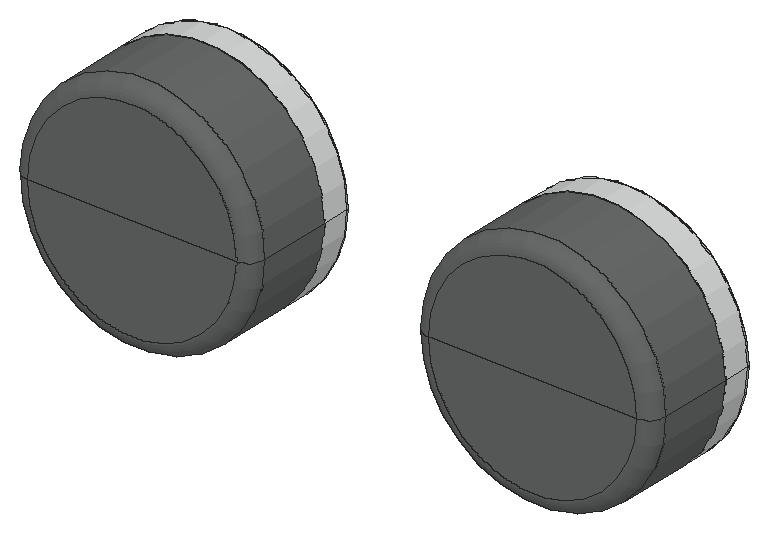
Revit family "Tap_Wall_Nero_Serenity_Assemblies", category Plumbing Fixtures, Revit 2022
Family settings
  Round Connector Dimension = Use Diameter
  Part Type = Normal
  OmniClass Number = 23.31.00.00
  Work Plane-Based = No
  Always vertical = Yes
  Cut with Voids When Loaded = Yes
  Maintain Annotation Orientation = No
  Shared = No
  Room Calculation Point = No
Parameters (values of type "Please Load From Type Catalog")
  Uniclass2015Version = "Please Load From Type Catalog"
  Uniclass2015Title = "Please Load From Type Catalog"
  Uniclass2015Code = "Please Load From Type Catalog"
  URL = "https://nerotapware.com.au/"
  Type Comments = "Please Load From Type Catalog"
  ModifiedIssue = 20250131
  Model = "Please Load From Type Catalog"
  HandleMaterial = Stone_Marble_Nero_ArabescatoCorchia
  HW Connection = yes
  CW Connection = yes
  BodyMaterial = Metal_Chrome_Nero
  ManufacturerURLProductSpecific = "https://pleaseloadfromtypecatalog.com"
  ManufacturerSpecCode = "Please Load From Type Catalog"
  ManufacturerOverallWidth = 160 mm  # constant formula
  ManufacturerOverallHeight = 60 mm  # constant formula
  ManufacturerOverallDepth = 30.5 mm  # constant formula
  ManufacturerHeightFromFFL [instance] = 1050 mm
  Manufacturer = "Nero"
  IfcExportType = "Please Load From Type Catalog"
  IfcExportAs = "Please Load From Type Catalog"
  Description = "Please Load From Type Catalog"
  Default Elevation = 0 mm
  CreatedByURL = "https://igsgroup.com.au"
  CreatedBy = "IGS BIM Solutions"  # constant formula
  Assembly Code = "D2010\r\n"
Reference planes
  plane 1 "Ref. Level": z = 0
  plane 2 "Front": y = 54.492
  plane 3 "MountingHeight": z = 1050
  plane 4 "Back": y = 84.992
  plane 5 "Top": z = 1080
  plane 6 "Right": x = 234
  plane 7 "Center (Left/Right)": x = 154
  plane 8 "Center L/II": z = 1020
  plane 9 "Left": x = 74
Forms (mm)
  Revolve 1, solid, material "Metal_Chrome_Nero" <- "BodyMaterial"
    sketch origin (0, 0, 1050) x (-1, 0, 0) y (0, -1, 0)
      loop
        arc (-174.5, -84.492) -> (-174.146, -84.346) -> (-174, -83.992) r 0.5
        line (-174, -83.992) -> (-174, -76.992) -> (-204, -76.992) -> (-204, -84.992) -> (-181.25, -84.992) -> (-180.633, -84.492) -> (-174.5, -84.492)
      axis (-204, -84.992) -> (-204, -76.992)
    angle from 0 to 360
  Revolve 2, solid, material "Metal_Chrome_Nero" <- "BodyMaterial"
    sketch origin (0, 0, 1050) x (1, 0, 0) y (0, 1, 0)
      loop
        arc (74.5, 84.492) -> (74.146, 84.346) -> (74, 83.992) r 0.5
        line (74, 83.992) -> (74, 76.992) -> (104, 76.992) -> (104, 84.992) -> (81.25, 84.992) -> (80.633, 84.492) -> (74.5, 84.492)
      axis (104, 84.992) -> (104, 76.992)
    angle from 0 to 360
  Extrusion 3, void
    sketch origin (0, 84.992, 0) x (1, 0, 0) y (0, 0, 1)
      loop
        circle (204, 1050) r 15
      loop
        circle (104, 1050) r 15
    from 0 to -30
  Revolve 4, solid, material "Stone_Marble_Nero_ArabescatoCorchia" <- "HandleMaterial"
    sketch origin (0, 0, 1050) x (-1, 0, 0) y (0, -1, 0)
      loop
        line (-204, -54.492) -> (-204, -76.992) -> (-174, -76.992) -> (-174, -58.492)
        arc (-174, -58.492) -> (-175.172, -55.664) -> (-178, -54.492) r 4
        line (-178, -54.492) -> (-204, -54.492)
      axis (-204, -76.992) -> (-204, -54.492)
    angle from 0 to 360
  Revolve 5, solid, material "Stone_Marble_Nero_ArabescatoCorchia" <- "HandleMaterial"
    sketch origin (0, 0, 1050) x (1, 0, 0) y (0, 1, 0)
      loop
        line (104, 54.492) -> (104, 76.992) -> (74, 76.992) -> (74, 58.492)
        arc (74, 58.492) -> (75.172, 55.664) -> (78, 54.492) r 4
        line (78, 54.492) -> (104, 54.492)
      axis (104, 76.992) -> (104, 54.492)
    angle from 0 to 360
Lines and regions (mm)
  Masking region 1
    outline origin (0, 0, 1080) x (-1, 0, 0) y (0, -1, 0)
      loop
        line (-181.25, -84.992) -> (-180.633, -84.492) -> (-174.5, -84.492)
        arc (-174.5, -84.492) -> (-174.146, -84.346) -> (-174, -83.992) r 0.5
        line (-174, -83.992) -> (-174, -58.492)
        arc (-174, -58.492) -> (-175.172, -55.664) -> (-178, -54.492) r 4
        line (-178, -54.492) -> (-230, -54.492)
        arc (-230, -54.492) -> (-232.828, -55.664) -> (-234, -58.492) r 4
        line (-234, -58.492) -> (-234, -83.992)
        arc (-234, -83.992) -> (-233.854, -84.346) -> (-233.5, -84.492) r 0.5
        line (-233.5, -84.492) -> (-227.367, -84.492) -> (-226.75, -84.992) -> (-181.25, -84.992)
      loop
        line (-126.75, -84.992) -> (-81.25, -84.992) -> (-80.633, -84.492) -> (-74.5, -84.492)
        arc (-74.5, -84.492) -> (-74.146, -84.346) -> (-74, -83.992) r 0.5
        line (-74, -83.992) -> (-74, -58.492)
        arc (-74, -58.492) -> (-75.172, -55.664) -> (-78, -54.492) r 4
        line (-78, -54.492) -> (-130, -54.492)
        arc (-130, -54.492) -> (-132.828, -55.664) -> (-134, -58.492) r 4
        line (-134, -58.492) -> (-134, -83.992)
        arc (-134, -83.992) -> (-133.854, -84.346) -> (-133.5, -84.492) r 0.5
        line (-133.5, -84.492) -> (-127.367, -84.492) -> (-126.75, -84.992)
  symbolic lines, style "Taps/Mixers", detail levels medium+fine
    curve 1: line (180.633, 84.492, 1080) -> (227.367, 84.492, 1080)
    curve 2: line (174, 76.992, 1080) -> (234, 76.992, 1080)
    curve 3: line (127.367, 84.492, 1080) -> (80.633, 84.492, 1080)
    curve 4: line (134, 76.992, 1080) -> (74, 76.992, 1080)
Text (mm)
  text "Disclaimer:\nDue to ongoing product development and manufacturing \nevolution, product details are subject to change without \nnotice. Please refer to product technical data sheets on \nthe manufacturers website for the most current product \ninformation. Please allow a +/- 5mm manufacturing \ntolerance for dimensions and set-outs shown in product \nliterature." at (613.759, 292.534, 0), in view "Ref. Level"
Dimensions and locks
  "ManufacturerHeightFromFFL": plane 3 "MountingHeight" to plane 1 "Ref. Level"
  "ManufacturerOverallDepth": plane 2 "Front" to plane 4 "Back"
  equal spacing: plane 5 "Top", plane 3 "MountingHeight", plane 8 "Center L/II"
  plane 9 "Left" to plane 7 "Center (Left/Right)" to plane 6 "Right" = 80 mm, 80 mm
  "ManufacturerOverallHeight": plane 5 "Top" to plane 8 "Center L/II"
  "ManufacturerOverallWidth": plane 9 "Left" to plane 6 "Right"
  aligned and locked: level to plane 1 "Ref. Level"
  aligned and locked: plane 3 "MountingHeight" to Extrusion 3 sketch curve
Automatic sketch dimensions
  plane 4 "Back" to Revolve 1 sketch curve = 0 mm
  Revolve 1 sketch curve to Revolve 1 sketch curve = 22.75 mm
  plane 4 "Back" to Revolve 1 sketch curve = 0.5 mm
  Revolve 1 sketch curve to Revolve 1 sketch curve = 0.617 mm
  plane 4 "Back" to Revolve 1 sketch curve = 1 mm
  Revolve 1 sketch curve to Revolve 1 sketch curve = 6.133 mm
  Revolve 1 sketch curve to Revolve 1 sketch curve = 7 mm
  Revolve 1 sketch curve to Revolve 1 sketch curve = 2.168 mm
  plane 4 "Back" to Masking region 1 sketch curve = 0 mm  (x2)
  plane 4 "Back" to Masking region 1 sketch curve = 0.5 mm  (x4)
  Masking region 1 sketch curve to Masking region 1 sketch curve = 6.133 mm  (x4)
  Masking region 1 sketch curve to Masking region 1 sketch curve = 0.617 mm  (x4)
  plane 4 "Back" to Masking region 1 sketch curve = 1 mm  (x4)
  Masking region 1 sketch curve to Masking region 1 sketch curve = 4 mm  (x3)
  plane 4 "Back" to curve 3 = 0.5 mm
  curve 3 to curve 4 = 6.633 mm
  plane 4 "Back" to curve 2 = 8 mm
  plane 4 "Back" to curve 1 = 0.5 mm
  curve 2 to curve 1 = 6.633 mm
  plane 4 "Back" to curve 4 = 8 mm
  curve 1 to curve 2 = 6.633 mm
  plane 6 "Right" to curve 1 = 6.633 mm
  Masking region 1 sketch curve to Masking region 1 sketch curve = 40 mm
  curve 2 to curve 4 = 40 mm
  curve 4 to curve 3 = 6.633 mm
  curve 3 to curve 3 = 46.735 mm
  Masking region 1 sketch curve to Masking region 1 sketch curve = 45.5 mm
  curve 1 to curve 1 = 46.735 mm
  plane 4 "Back" to Revolve 2 sketch curve = 0 mm
  plane 4 "Back" to Revolve 2 sketch curve = 1 mm
  Revolve 2 sketch curve to Revolve 2 sketch curve = 0.5 mm
  plane 9 "Left" to Revolve 2 sketch curve = 6.633 mm
  Revolve 2 sketch curve to Revolve 2 sketch curve = 0.617 mm
  Revolve 2 sketch curve to Revolve 2 sketch curve = 22.75 mm
  Revolve 2 sketch curve to Revolve 2 sketch curve = 2.168 mm
  Extrusion 3 sketch curve to plane 3 "MountingHeight" = 0 mm
  plane 9 "Left" to Extrusion 3 sketch curve = 30 mm
  plane 6 "Right" to Extrusion 3 sketch curve = 30 mm
  Revolve 4 sketch curve to plane 2 "Front" = 0 mm
  plane 2 "Front" to Revolve 4 sketch curve = 4 mm
  plane 7 "Center (Left/Right)" to Revolve 4 sketch curve = 24 mm
  Revolve 4 sketch curve to Revolve 4 sketch curve = 0 mm
  Revolve 4 sketch curve to plane 2 "Front" = 0.511 mm
  Revolve 4 sketch curve to Revolve 4 sketch curve = 2.168 mm
  Revolve 5 sketch curve to plane 9 "Left" = 0 mm
  Revolve 5 sketch curve to plane 2 "Front" = 0 mm
  Revolve 5 sketch curve to Revolve 5 sketch curve = 4 mm
  Revolve 5 sketch curve to Revolve 5 sketch curve = 0 mm
  Revolve 5 sketch curve to plane 2 "Front" = 0.511 mm
  Revolve 5 sketch curve to Revolve 5 sketch curve = 2.168 mm
  Revolve 5 sketch curve to Revolve 5 sketch curve = 26 mm
  plane 4 "Back" to Revolve 5 sketch curve = 8 mm
  Revolve 2 sketch curve to plane 9 "Left" = 0 mm
  Revolve 2 sketch curve to Revolve 2 sketch curve = 7 mm
  Revolve 2 sketch curve to plane 2 "Front" = 2.678 mm
  Revolve 2 sketch curve to Revolve 2 sketch curve = 0 mm
  Revolve 4 sketch curve to Revolve 4 sketch curve = 26 mm
  plane 4 "Back" to Revolve 4 sketch curve = 8 mm
  plane 6 "Right" to Revolve 1 sketch curve = 30 mm
  Revolve 1 sketch curve to plane 2 "Front" = 2.678 mm
  Revolve 1 sketch curve to Revolve 1 sketch curve = 0 mm
  Masking region 1 sketch curve to plane 2 "Front" = 0 mm  (x2)
  Masking region 1 sketch curve to plane 6 "Right" = 0 mm
  plane 2 "Front" to Masking region 1 sketch curve = 4 mm
  Masking region 1 sketch curve to plane 9 "Left" = 0 mm
  radius of Extrusion 3 sketch curve = 15 mm  (x2)
Connectors
  piping at (204, 84.992, 1050), diameter 12.7, driven by "CW Connection"
    settings: on Revolve 1, index 2, connector inside diameter 609.6 mm, connector length 0 mm, flow factor 0, pipe flow 0.0 L/s, pressure drop 0.0 Pa, fitting loss kfactor 0, connector angle 0.00°, fixture units 0, engagement length 0 mm, angle of deflection 0.00°, flow configuration 2, flow direction 1, fitting loss method 0, system type 20, joint type 0, gender type 0, connector reference index -1, connector utility 1, adjustable connector no, is connector primary yes, connector description "Cold Water Supply"
  piping at (104, 84.992, 1050), diameter 12.7, driven by "HW Connection"
    settings: on Revolve 2, index 3, connector inside diameter 609.6 mm, connector length 0 mm, flow factor 0, pipe flow 0.0 L/s, pressure drop 0.0 Pa, fitting loss kfactor 0, connector angle 0.00°, fixture units 0, engagement length 0 mm, angle of deflection 0.00°, flow configuration 2, flow direction 1, fitting loss method 0, system type 19, joint type 0, gender type 0, connector reference index -1, connector utility 1, adjustable connector no, is connector primary no, connector description "Hot Water Supply"
